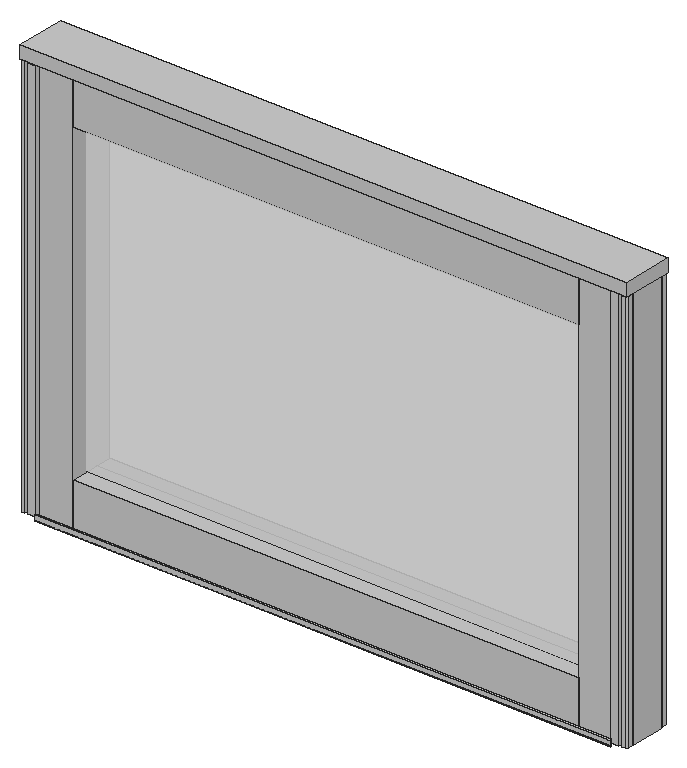
Revit family "Haworth_UniGroupToo_Panel_GlazedAddOn", category Furniture Systems, Revit 2018
Family settings
  Round Connector Dimension = Use Diameter
  Part Type = Normal
  OmniClass Number = 23.40.70.14.64.21
  OmniClass Title = Systems Furniture
  Work Plane-Based = No
  Always vertical = Yes
  Cut with Voids When Loaded = No
  Shared = No
  Room Calculation Point = No
Parameters (values of type "24w 16h")
  Width = 24"
  Warranty = "http://www.haworth.com/resources/product-info/warranties"
  URL - Product = "http://www.haworth.com/products/workspaces/panel-based/unigroup-too"
  URL = "www.haworth.com"
  Trim Inset = 1/8"  # constant formula
  Trim Finish [instance] = Haworth _ Metal _ Brushed Aluminum
  Trim Finish = Haworth _ Metal _ Brushed Aluminum
  Trim Depth = 2"  # constant formula
  Top Trim Height = 1/2"  # constant formula
  Top Trim [instance] = yes
  Tile Trim Strip [instance] = yes
  Sustainability Info = "http://www.haworth.com/company-info/sustainability"
  Size = "Verify Final Dim. w/ Haworth"  # constant formula
  Revision Number = "2"  # constant formula
  Rail Height = Actual Height - 1/2"  # 16"
  Raceway Panel Width = Actual Width  # 24"
  Offset [instance] = 47 1/2"
  Model = "Haworth - UniGroup Too - Panel - Add-On - Glazed"  # constant formula
  Glazed Trim Top = 1 3/4"  # constant formula
  Glazed Trim Sides = 1 3/8"  # constant formula
  Glaze Inset = 3/4"  # constant formula
  Glass Finish = Haworth _ Glass _ Frosted
  Description = "Haworth - UniGroup Too - Panel - Add-On - Glazed"  # constant formula
  Custom Size = not(and(or(Width = 24", Width = 30", Width = 36", Width = 42", Width = 48", Width = 60")))  # no
  Panel Depth = 1/2"  # constant formula
  Actual Width = if(Width < Min. Width, Min. Width, if(Width > Max. Width, Max. Width, Width))  # 24"
  Actual Height = if(Height < Min. Height, Min. Height, if(Height > Max. Height, Max. Height, Height))  # 16 1/2"
  Standard Widths = "24, 30, 36, 42, 48, 60 inches"  # constant formula
  Standard Heights = "16 inches"  # constant formula
  Min. Width = 24"  # constant formula
  Max. Width = 60"  # constant formula
  Min. Height = 16 1/2"  # constant formula
  Max. Height = 16 1/2"  # constant formula
  Manufacturer = "Haworth"  # constant formula
  Height = 16 1/2"  # constant formula
  Bottom Trim Width = 3/8"  # constant formula
  Author = "Haworth (Hampton)"  # constant formula
  Assembly Code = "E2020500"
Reference planes (in)
  plane 1 "Center F/B": y = 0
  plane 2 "Trim Bottom Inside": z = 47.5
  plane 3 "Center L/R": x = 0.09607
  plane 4 "Left": x = -11.90393
  plane 5 "Right": x = 12.09607
  plane 6 "Front": y = -1
  plane 7 "Back": y = 1
  plane 8 "Top of Panel": z = 63.5
  plane 9 "Top": z = 64
  plane 10 "Side Rail Left": x = -11.27893
  plane 11 "Side Rail Right": x = 11.47107
  plane 12 "Inside Trim Left": x = -9.90393
  plane 13 "Inside Trim Right": x = 10.09607
  plane 14 "Top Trim Inside": z = 61.75
  plane 15 "Glazed Trim Back": y = 0.875
  plane 16 "Glazed Trim Front": y = -0.875
  plane 17 "Glaze Back": y = 0.25
  plane 18 "Glaze Front": y = -0.25
  plane 19 "Offset": z = 49.25
  plane 20 "Trim Strip Top": z = 47.635
  plane 21 "Trim Strip Bottom": z = 47.365
  plane 22: y = -1.03906
  plane 23: y = 1.03906
Forms (in)
  Extrusion 1, solid, material "Haworth _ Metal _ Brushed Aluminum" <- "Trim Finish", visible <- "Top Trim"
    sketch origin (0.09607, 0, 0) x (0, 1, 0) y (0, 0, 1)
      loop
        line (-1, 64) -> (-1, 63.5) -> (1, 63.5) -> (1, 64) -> (-1, 64)
    from -12 to 12
  Extrusion 2, solid, material "Haworth _ Metal _ Brushed Aluminum" <- "Trim Finish"
    sketch origin (0, 0, 0) x (1, 0, 0) y (0, 1, 0)
      loop
        line (-11.27893, 0.875) -> (-11.27893, -0.875) -> (-9.90393, -0.875) -> (-9.90393, 0.875) -> (-11.27893, 0.875)
      loop
        line (10.09607, 0.875) -> (10.09607, -0.875) -> (11.47107, -0.875) -> (11.47107, 0.875) -> (10.09607, 0.875)
    from 47.5 to 63.5
  Extrusion 3, solid, material "Haworth _ Metal _ Brushed Aluminum" <- "Trim Finish"
    sketch origin (0, -1, 0) x (-1, 0, 0) y (0, 0, 1)
      loop
        line (9.90393, 61.75) -> (9.90393, 63.5) -> (-10.09607, 63.5) -> (-10.09607, 61.75) -> (9.90393, 61.75)
      loop
        line (9.90393, 49.25) -> (-10.09607, 49.25) -> (-10.09607, 47.5) -> (9.90393, 47.5) -> (9.90393, 49.25)
    from 0.125 to 1.875
  Extrusion 4, solid, material "Haworth _ Glass _ Frosted" <- "Glass Finish"
    sketch origin (0, 0, 0) x (1, 0, 0) y (0, 1, 0)
      loop
        line (-9.90393, 0.25) -> (-9.90393, -0.25) -> (10.09607, -0.25) -> (10.09607, 0.25) -> (-9.90393, 0.25)
    from 49.25 to 61.75
  Extrusion 5, solid, material "Haworth _ Metal _ Brushed Aluminum" <- "Trim Finish", visible <- "Tile Trim Strip"
    sketch origin (1.1802, -0.71976, 53.885) x (0, 1, 0) y (0, 0, 1)
      loop
        line (-0.3193, -6.48094) -> (-0.28024, -6.52) -> (-0.28024, -6.25) -> (-0.3193, -6.28906) -> (-0.3193, -6.48094)
    from -12.45913 to 10.29087
  Extrusion 6, solid, material "Haworth _ Metal _ Brushed Aluminum" <- "Trim Finish", visible <- "Tile Trim Strip"
    sketch origin (1.1802, 0.71976, 53.885) x (0, -1, 0) y (0, 0, -1)
      loop
        line (-0.3193, 6.48094) -> (-0.3193, 6.28906) -> (-0.28024, 6.25) -> (-0.28024, 6.52) -> (-0.3193, 6.48094)
    from -12.45913 to 10.29087
Lines and regions (in)
  Masking region 1
    outline origin (0, 0, 0) x (1, 0, 0) y (0, 1, 0)
      loop
        line (-11.90393, 0.875) -> (-11.90393, -0.875) -> (12.09607, -0.875) -> (12.09607, 0.875) -> (-11.90393, 0.875)
Dimensions and locks (in)
  equal spacing: plane 4 "Left", plane 3 "Center L/R", plane 5 "Right"
  "Actual Width": plane 4 "Left" to plane 5 "Right"
  equal spacing: plane 7 "Back", plane 1 "Center F/B", plane 6 "Front"
  "Trim Depth": plane 7 "Back" to plane 6 "Front"
  locked: plane 10 "Side Rail Left" to plane 4 "Left" at 0.625
  locked: plane 5 "Right" to plane 11 "Side Rail Right" at 0.625
  "Top Trim Height": plane 9 "Top" to plane 8 "Top of Panel"
  "Glazed Trim Sides": plane 12 "Inside Trim Left" to plane 10 "Side Rail Left"
  "Glazed Trim Sides": plane 13 "Inside Trim Right" to plane 11 "Side Rail Right"
  "Glazed Trim Top": plane 8 "Top of Panel" to plane 14 "Top Trim Inside"
  "Trim Inset": plane 7 "Back" to plane 15 "Glazed Trim Back"
  "Trim Inset": plane 16 "Glazed Trim Front" to plane 6 "Front"
  "Glaze Inset": plane 18 "Glaze Front" to plane 6 "Front"
  "Glaze Inset": plane 7 "Back" to plane 17 "Glaze Back"
  "Glazed Trim Top": plane 19 "Offset" to plane 2 "Trim Bottom Inside"
  "Height": plane 9 "Top" to plane 2 "Trim Bottom Inside"
  locked: plane 20 "Trim Strip Top" to plane 2 "Trim Bottom Inside" at 0.135
  locked: plane 2 "Trim Bottom Inside" to plane 21 "Trim Strip Bottom" at 0.135
  "Offset": plane 2 "Trim Bottom Inside" to level
  aligned and locked: plane 5 "Right" to nested 1
  aligned and locked: nested 1 to plane 1 "Center F/B"
  aligned and locked: plane 4 "Left" to nested 2
  aligned and locked: plane 1 "Center F/B" to nested 2
  aligned and locked: plane 6 "Front" to Extrusion 1 sketch curve
  aligned and locked: Extrusion 1 sketch curve to plane 7 "Back"
  aligned and locked: Extrusion 1 sketch curve to plane 9 "Top"
  aligned and locked: plane 8 "Top of Panel" to Extrusion 1 sketch curve
  aligned and locked: plane 5 "Right" to Extrusion 1
  aligned and locked: Extrusion 1 to plane 4 "Left"
  aligned and locked: Extrusion 2 sketch curve to plane 12 "Inside Trim Left"
  aligned and locked: plane 10 "Side Rail Left" to Extrusion 2 sketch curve
  aligned and locked: plane 15 "Glazed Trim Back" to Extrusion 2 sketch curve  (x2)
  aligned and locked: plane 16 "Glazed Trim Front" to Extrusion 2 sketch curve  (x2)
  aligned and locked: plane 11 "Side Rail Right" to Extrusion 2 sketch curve
  aligned and locked: Extrusion 2 sketch curve to plane 13 "Inside Trim Right"
  aligned: Extrusion 2 to level
  aligned and locked: plane 8 "Top of Panel" to Extrusion 2
  aligned and locked: Extrusion 3 sketch curve to plane 13 "Inside Trim Right"
  aligned and locked: plane 12 "Inside Trim Left" to Extrusion 3 sketch curve
  aligned and locked: Extrusion 3 sketch curve to plane 14 "Top Trim Inside"
  aligned and locked: Extrusion 3 sketch curve to plane 12 "Inside Trim Left"
  aligned and locked: plane 8 "Top of Panel" to Extrusion 3 sketch curve
  aligned: Extrusion 3 to plane 16 "Glazed Trim Front"
  aligned: Extrusion 3 to plane 15 "Glazed Trim Back"
  aligned and locked: plane 13 "Inside Trim Right" to Extrusion 3 sketch curve
  aligned and locked: plane 13 "Inside Trim Right" to Extrusion 4 sketch curve
  aligned and locked: plane 12 "Inside Trim Left" to Extrusion 4 sketch curve
  aligned and locked: Extrusion 4 sketch curve to plane 17 "Glaze Back"
  aligned and locked: Extrusion 4 sketch curve to plane 18 "Glaze Front"
  aligned: Extrusion 4 to plane 2 "Trim Bottom Inside"
  aligned and locked: plane 14 "Top Trim Inside" to Extrusion 4
  aligned and locked: Extrusion 5 to plane 10 "Side Rail Left"
  aligned and locked: Extrusion 5 to plane 11 "Side Rail Right"
  aligned and locked: plane 15 "Glazed Trim Back" to Masking region 1 sketch curve
  aligned and locked: plane 16 "Glazed Trim Front" to Masking region 1 sketch curve
  aligned: Extrusion 2 to plane 19 "Offset"
  aligned and locked: nested 2 to plane 8 "Top of Panel"
  aligned and locked: plane 8 "Top of Panel" to nested 1
  aligned and locked: Extrusion 3 sketch curve to plane 19 "Offset"
  aligned and locked: plane 2 "Trim Bottom Inside" to Extrusion 3 sketch curve
  aligned and locked: Extrusion 2 to plane 2 "Trim Bottom Inside"
  aligned and locked: Extrusion 6 to plane 10 "Side Rail Left"
  aligned and locked: plane 11 "Side Rail Right" to Extrusion 6
  aligned and locked: Extrusion 4 to Extrusion 3
  aligned and locked: Extrusion 3 to plane 15 "Glazed Trim Back"
  aligned and locked: Extrusion 3 to plane 16 "Glazed Trim Front"
  aligned and locked: plane 6 "Front" to Extrusion 5
  aligned and locked: Extrusion 5 to plane 22
  aligned and locked: Extrusion 6 to plane 7 "Back"
  aligned and locked: plane 23 to Extrusion 6
Automatic sketch dimensions
  Masking region 1 sketch curve to plane 4 "Left" = 0"
  Masking region 1 sketch curve to plane 5 "Right" = 0"
  Extrusion 5 sketch curve to plane 6 "Front" = 0"
  plane 21 "Trim Strip Bottom" to Extrusion 5 sketch curve = 0"
  Extrusion 5 sketch curve to plane 20 "Trim Strip Top" = 0"
  Extrusion 5 sketch curve to plane 6 "Front" = 5/128"
  Extrusion 5 sketch curve to plane 21 "Trim Strip Bottom" = 5/128"
  Extrusion 5 sketch curve to plane 20 "Trim Strip Top" = 5/128"
  Extrusion 6 sketch curve to plane 7 "Back" = 0"
  Extrusion 6 sketch curve to plane 20 "Trim Strip Top" = 0"
  plane 21 "Trim Strip Bottom" to Extrusion 6 sketch curve = 0"
  plane 7 "Back" to Extrusion 6 sketch curve = 5/128"
  Extrusion 6 sketch curve to plane 20 "Trim Strip Top" = 5/128"
  Extrusion 6 sketch curve to plane 21 "Trim Strip Bottom" = 5/128"
Nested families (in)
  nested 1: "Haworth_UniGroup_Too-Rail-Part" at (14.47107, 0, 47.5) x (-1, 0, 0) z (0, 0, 1), Actual Height <- "Rail Height", type "Rail"
    with Actual Height 16", Raceway Height 0"
  nested 2: "Haworth_UniGroup_Too-Rail-Part" at (-14.27893, 0, 47.5), Actual Height <- "Rail Height", type "Rail"
    with Actual Height 16", Raceway Height 0"
Definition of nested family "Haworth_UniGroup_Too-Rail-Part"
  Parameters
    Warranty = ""
    URL - Product = ""
    URL = "www.haworth.com"
    Trim Width = 5/8"  # constant formula
    Raceway Height = 4 3/8"
    Description = ""
    Size = "Verify Final Dim. w/ Haworth"  # constant formula
    Revision Number = "1"  # constant formula
    Material Options = ""
    Manufacturer = "Haworth"  # constant formula
    Trim Finish = none
    Author = "Haworth (Hampton)"  # constant formula
    Assembly Code = ""
    Actual Height [instance] = 64"
    Actual Depth = 2"  # constant formula
  Reference planes (in)
    plane 1 "Center F/B": y = 0
    plane 2: z = 0
    plane 3 "Back": y = 1
    plane 4 "Front": y = -1
    plane 5 "Right": x = 3
    plane 6 "Top": z = 64
    plane 7 "Left": x = 2.375
    plane 8 "Rail Bottom": z = 4.375
  Forms (in)
    Extrusion 1, solid, material <- "Trim Finish"
      sketch origin (-1.5, 0, 0) x (1, 0, 0) y (0, 1, 0)
        loop
          line (3.875, -0.65267) -> (3.9405, -0.65267) -> (3.9405, -0.77368) -> (3.875, -0.77368) -> (3.875, -0.9345) -> (3.9405, -1) -> (4.06492, -1) -> (4.06492, -0.64262) -> (4.18979, -0.64262) -> (4.18979, -1) -> (4.5, -1) -> (4.5, 1) -> (4.18979, 1) -> (4.18979, 0.64262) -> (4.06492, 0.64262) -> (4.06492, 1) -> (3.9405, 1) -> (3.875, 0.9345) -> (3.875, 0.77368) -> (3.9405, 0.77368) -> (3.9405, 0.65267) -> (3.875, 0.65267) -> (3.875, -0.65267)
      from 4.375 to 64
  Lines and regions (in)
    Masking region 1, detail levels medium+fine
      outline origin (0, 0, 0) x (1, 0, 0) y (0, 1, 0)
        loop
          line (2.375, 1) -> (2.375, -1) -> (3, -1) -> (3, 1) -> (2.375, 1)
  Dimensions and locks (in)
    equal spacing: plane 3 "Back", plane 1 "Center F/B", plane 4 "Front"
    "Actual Depth": plane 3 "Back" to plane 4 "Front"
    "Actual Height": plane 6 "Top" to level
    "Trim Width": plane 7 "Left" to plane 5 "Right"
    "Raceway Height": plane 8 "Rail Bottom" to plane 2
    aligned and locked: plane 4 "Front" to Extrusion 1 sketch curve
    aligned: Extrusion 1 sketch curve to plane 5 "Right"
    aligned: plane 6 "Top" to Extrusion 1  (x4)
    aligned and locked: plane 5 "Right" to Extrusion 1
    aligned and locked: Extrusion 1 sketch curve to plane 7 "Left"
    aligned: Extrusion 1 to plane 2
    aligned and locked: plane 6 "Top" to Extrusion 1
    aligned and locked: level to plane 2
    aligned and locked: Extrusion 1 to plane 8 "Rail Bottom"
    aligned and locked: Masking region 1 sketch curve to plane 5 "Right"
    aligned and locked: Masking region 1 sketch curve to plane 3 "Back"
    aligned and locked: Masking region 1 sketch curve to plane 7 "Left"
    aligned and locked: plane 4 "Front" to Masking region 1 sketch curve
  Automatic sketch dimensions
    Extrusion 1 sketch curve to plane 7 "Left" = 0"  (x2)
    Extrusion 1 sketch curve to plane 3 "Back" = 0"  (x2)
    Extrusion 1 sketch curve to plane 4 "Front" = 0"
    Extrusion 1 sketch curve to plane 7 "Left" = 0.0655"  (x4)
    Extrusion 1 sketch curve to Extrusion 1 sketch curve = 0.12441"  (x2)
    Extrusion 1 sketch curve to Extrusion 1 sketch curve = 0.12488"  (x2)
    Extrusion 1 sketch curve to Extrusion 1 sketch curve = 0.16082"
    Extrusion 1 sketch curve to Extrusion 1 sketch curve = 0.12101"  (x2)
    Extrusion 1 sketch curve to Extrusion 1 sketch curve = 0.01005"  (x2)
    Extrusion 1 sketch curve to plane 3 "Back" = 0.35738"
    Extrusion 1 sketch curve to plane 3 "Back" = 0.0655"
    plane 4 "Front" to Extrusion 1 sketch curve = 0.0655"
